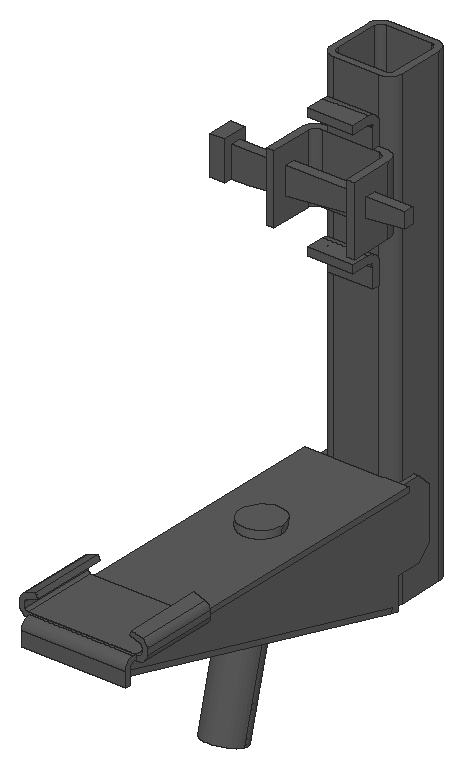
Revit family "CC4_PERIMETER CLAMP CC_1870200", category Generic Models, Revit 2018
Family settings
  Can host rebar = No
  Round Connector Dimension = Use Diameter
  Part Type = Normal
  OmniClass Number = 35.51.14.00
  OmniClass Title = FORMWORK
  Work Plane-Based = Yes
  Always vertical = No
  Cut with Voids When Loaded = No
  Shared = Yes
  Room Calculation Point = No
Parameters
  VERSION = "20170217"  # constant formula
  URL = "www.ulmaconstruction.com/en"
  UNICLASS = ""
  Manufacturer = "ULMA CONSTRUCTION"  # constant formula
  ITEM_CODE = "1870200"
  FILTER [instance] = ""
  Default Elevation = 0.000 mm
  CLASSIFICATION_TITLE = ""
  CLASSIFICATION_NUMBER = ""
Reference planes
  plane 1 "Centro (Frontal/Posterior)": y = 0
  plane 2: z = 0
  plane 3 "Centro (Izquierda/Derecha)": x = 0
  plane 4: y = 33.71
Forms (mm)
  Extrusion 1, solid, material "ULMA BLACK", detail levels fine
    sketch origin (0, 0, 2.5) x (1, 0, 0) y (0, 0, 1)
      loop
        arc (-49, -244) -> (-47.243, -248.243) -> (-43, -250) r 6
        line (-43, -250) -> (43, -250)
        arc (43, -250) -> (47.243, -248.243) -> (49, -244) r 6
        line (49, -244) -> (49, -239.4)
        arc (49, -239.4) -> (47.915, -235.959) -> (45.052, -233.762) r 6
        line (45.052, -233.762) -> (36.971, -230.821) -> (35.603, -234.58) -> (43.684, -237.521)
        arc (43.684, -237.521) -> (44.638, -238.253) -> (45, -239.4) r 2
        line (45, -239.4) -> (45, -244)
        arc (45, -244) -> (44.414, -245.414) -> (43, -246) r 2
        line (43, -246) -> (-43, -246)
        arc (-43, -246) -> (-44.414, -245.414) -> (-45, -244) r 2
        line (-45, -244) -> (-45, -239.4)
        arc (-45, -239.4) -> (-44.638, -238.253) -> (-43.684, -237.521) r 2
        line (-43.684, -237.521) -> (-35.603, -234.58) -> (-36.971, -230.821) -> (-45.052, -233.762)
        arc (-45.052, -233.762) -> (-47.915, -235.959) -> (-49, -239.4) r 6
        line (-49, -239.4) -> (-49, -244)
    from 195.79 to 255.79
  Extrusion 2, solid, material "ULMA BLACK", detail levels fine
    sketch origin (0, 0.21, 0) x (1, 0, 0) y (0, 1, 0)
      loop
        line (-22.5, 51) -> (-22.5, 16)
        arc (-22.5, 16) -> (-21.036, 12.464) -> (-17.5, 11) r 5
        line (-17.5, 11) -> (17.5, 11)
        arc (17.5, 11) -> (21.036, 12.464) -> (22.5, 16) r 5
        line (22.5, 16) -> (22.5, 51)
        arc (22.5, 51) -> (21.036, 54.536) -> (17.5, 56) r 5
        line (17.5, 56) -> (-17.5, 56)
        arc (-17.5, 56) -> (-21.036, 54.536) -> (-22.5, 51) r 5
      loop
        line (27.5, 16) -> (27.5, 51)
        arc (27.5, 51) -> (24.571, 58.071) -> (17.5, 61) r 10
        line (17.5, 61) -> (-17.5, 61)
        arc (-17.5, 61) -> (-24.571, 58.071) -> (-27.5, 51) r 10
        line (-27.5, 51) -> (-27.5, 16)
        arc (-27.5, 16) -> (-24.571, 8.929) -> (-17.5, 6) r 10
        line (-17.5, 6) -> (17.5, 6)
        arc (17.5, 6) -> (24.571, 8.929) -> (27.5, 16) r 10
    from -332.5 to 32.5
  Extrusion 3, solid, material "ULMA BLACK", detail levels fine
    sketch origin (0, 0.21, 2.5) x (0, 1, 0) y (0, 0, 1)
      loop
        arc (6, -4) -> (3.071, 3.071) -> (-4, 6) r 10
        line (-4, 6) -> (-19, 6) -> (-19, 0) -> (-4, 0)
        arc (-4, 0) -> (-1.172, -1.172) -> (0, -4) r 4
        line (0, -4) -> (0, -19) -> (6, -19) -> (6, -4)
      loop
        line (-19, -96) -> (-4, -96)
        arc (-4, -96) -> (-1.172, -97.172) -> (0, -100) r 4
        line (0, -100) -> (0, -115) -> (6, -115) -> (6, -100)
        arc (6, -100) -> (3.071, -92.929) -> (-4, -90) r 10
        line (-4, -90) -> (-19, -90) -> (-19, -96)
    from -17.5 to 17.5
  Extrusion 4, solid, material "ULMA BLACK", detail levels fine
    sketch origin (364.22, 33.835, -162.225) x (1, 0, 0) y (0, 0.965926, -0.258819)
      loop
        circle (-364.22, -94.503) r 16
    from -246 to -100
  Extrusion 5, solid, material "ULMA BLACK", detail levels fine
    sketch origin (0, 0.21, 0) x (1, 0, 0) y (0, 1, 0)
      loop
        arc (22, 0) -> (26.243, -1.757) -> (28, -6) r 6
        line (28, -6) -> (28, -38) -> (34, -38) -> (34, -6)
        arc (34, -6) -> (30.485, 2.485) -> (22, 6) r 12
        line (22, 6) -> (-22, 6)
        arc (-22, 6) -> (-30.485, 2.485) -> (-34, -6) r 12
        line (-34, -6) -> (-34, -38) -> (-28, -38) -> (-28, -6)
        arc (-28, -6) -> (-26.243, -1.757) -> (-22, 0) r 6
        line (-22, 0) -> (22, 0)
    from -69.5 to -16.5
  Extrusion 6, void
    sketch origin (0, 0, 0) x (0, 1, 0) y (0, 0, 1)
      loop
        line (-67.875, -238.5) -> (-98.784, -230.218) -> (-101.004, -238.5) -> (-67.875, -238.5)
    from -16 to 16
  Extrusion 7, solid, material "ULMA BLACK", detail levels fine
    sketch origin (0, 0, 0) x (0, 1, 0) y (0, 0, 1)
      loop
        line (6.21, -243.5) -> (-257.79, -243.5)
        arc (-257.79, -243.5) -> (-263.447, -245.843) -> (-265.79, -251.5) r 8
        line (-265.79, -251.5) -> (-265.79, -262.5) -> (-261.79, -262.5) -> (-261.79, -251.5)
        arc (-261.79, -251.5) -> (-260.618, -248.672) -> (-257.79, -247.5) r 4
        line (-257.79, -247.5) -> (6.21, -247.5) -> (6.21, -243.5)
    from 40 to -40
  Extrusion 8, solid, material "ULMA BLACK", detail levels fine
    sketch origin (0, 0, 0) x (0, 1, 0) y (0, 0, 1)
      loop
        line (-258.79, -247.5) -> (-261.79, -250.5) -> (-261.79, -260.528) -> (6.21, -332.338) -> (6.21, -307.5) -> (26.21, -307.5) -> (36.21, -297.5) -> (36.21, -257.5) -> (26.21, -247.5) -> (-258.79, -247.5)
    from -32 to -28
  Extrusion 9, solid, material "ULMA BLACK", detail levels fine
    sketch origin (0, 0, 0) x (0, 1, 0) y (0, 0, 1)
      loop
        line (-261.79, -256.386) -> (-261.79, -260.528) -> (-1.034, -330.397) -> (0.001, -326.533) -> (-261.79, -256.386)
    from -32 to 32
  Extrusion 10, solid, material "ULMA BLACK", detail levels fine
    sketch origin (60, 0, 0) x (0, 1, 0) y (0, 0, 1)
      loop
        line (-258.79, -247.5) -> (-261.79, -250.5) -> (-261.79, -260.528) -> (6.21, -332.338) -> (6.21, -307.5) -> (26.21, -307.5) -> (36.21, -297.5) -> (36.21, -257.5) -> (26.21, -247.5) -> (-258.79, -247.5)
    from -32 to -28
  Extrusion 11, solid, material "ULMA BLACK", detail levels fine
    sketch origin (0, 0, 0) x (1, 0, 0) y (0, 0, 1)
      loop
        line (64.5, -42.097) -> (64.5, -30.667) -> (-69.5, -30.667) -> (-69.5, -54.657) -> (-55, -54.657) -> (64.5, -42.097)
    from 19.79 to 27.79
  Extrusion 12, solid, material "ULMA BLACK", detail levels fine
    sketch origin (0, 0, 0) x (1, 0, 0) y (0, 0, 1)
      loop
        line (-80.5, -24.657) -> (-80.5, -54.657) -> (-69.5, -54.657) -> (-69.5, -24.657) -> (-80.5, -24.657)
    from 13.79 to 33.79
  Extrusion 13, solid, material "ULMA BLACK", detail levels medium
    sketch origin (0, 0, 0) x (1, 0, 0) y (0, 1, 0)
      loop
        line (27.5, 61.21) -> (-27.5, 61.21) -> (-27.5, 6.21) -> (27.5, 6.21) -> (27.5, 61.21)
    from -332.5 to 32.5
  Extrusion 14, solid, material "ULMA BLACK", detail levels medium
    sketch origin (0, 0, 0) x (0, 1, 0) y (0, 0, 1)
      loop
        line (-265.79, -259.456) -> (6.21, -332.338) -> (6.21, -243.5) -> (-265.79, -243.5) -> (-265.79, -259.456)
    from -32 to 32
  Extrusion 15, solid, material "ULMA BLACK", detail levels medium
    sketch origin (364.22, 71.622, -21.2) x (1, 0, 0) y (0, 0.965926, -0.258819)
      loop
        circle (-364.22, -94.503) r 16
    from -392 to -317.466
  Extrusion 16, solid, material "ULMA BLACK", detail levels medium
    sketch origin (0, 0, 0) x (1, 0, 0) y (0, 1, 0)
      loop
        line (-32, 6.21) -> (-32, -37.79) -> (-26, -37.79) -> (-26, 0.21) -> (26, 0.21) -> (26, -37.79) -> (32, -37.79) -> (32, 6.21) -> (-32, 6.21)
    from -69.5 to -16.5
Cuts and joins
  Extrusion 6 cuts Extrusion 4
Lines and regions (mm)
  model lines, style "ULMA REFERENCE", detail levels medium+fine
    curve 1: line (-27.5, 33.71, 32.5) -> (27.5, 33.71, 32.5)
    curve 2: line (0, 6.21, 32.5) -> (0, 61.21, 32.5)
  model lines, style "ULMA PERIMETER CLAMP CC", detail levels coarse
    curve 3: circle (0, 61.21, 0) r 55 normal (0, 0, 1)
    curve 4: line (-60, 6.21, 0) -> (60, 6.21, 0)
    curve 5: line (60, 6.21, 0) -> (60, -265.79, 0)
    curve 6: line (60, -265.79, 0) -> (-60, -265.79, 0)
    curve 7: line (-60, -265.79, 0) -> (-60, 6.21, 0)
    curve 8: line (12.374, -89.208, 0) -> (-12.374, -113.957, 0)
    curve 9: line (-12.374, -89.208, 0) -> (12.374, -113.957, 0)
Dimensions and locks
  locked: plane 1 "Centro (Frontal/Posterior)" to plane 4 at 33.71
  aligned and locked: level to plane 2
